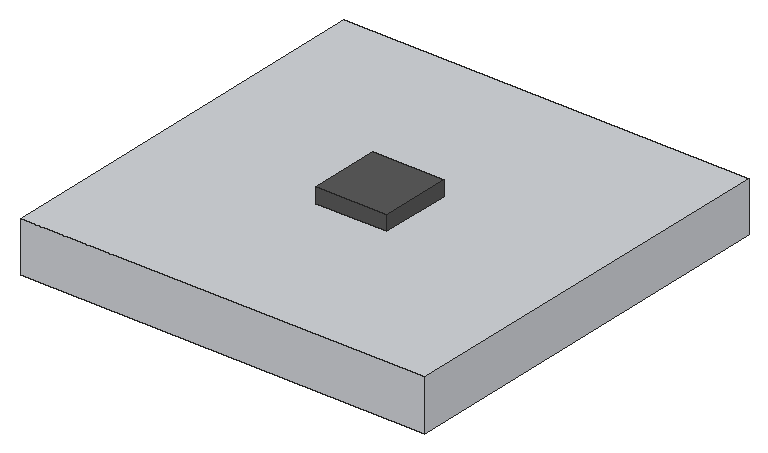
Revit family "r2018_videomax_server_OPS-SKUD_stoechnogo_ispolneniya", category Устройства связи, Revit 2018 (continued)
Definition of nested family "videomax_OPS-SKUD_stoechnogo"
  Lines and regions (mm)
    model lines, visible <- "Front_500", detail levels fine
      curve 410: circle (-163.789, 23.507, 0) r 2.934 normal (0, 0, 1)
      curve 411: circle (-152.426, 63.168, 0) r 2.934 normal (0, 0, 1)
      curve 412: circle (-152.426, 49.948, 0) r 2.934 normal (0, 0, 1)
      curve 413: circle (-152.426, 36.728, 0) r 2.934 normal (0, 0, 1)
      curve 414: circle (-152.426, 23.507, 0) r 2.934 normal (0, 0, 1)
      curve 415: circle (-141.063, 63.168, 0) r 2.934 normal (0, 0, 1)
      curve 416: circle (-141.063, 49.948, 0) r 2.934 normal (0, 0, 1)
      curve 417: circle (-141.063, 36.728, 0) r 2.934 normal (0, 0, 1)
      curve 418: circle (-141.063, 23.507, 0) r 2.934 normal (0, 0, 1)
      curve 419: circle (-129.701, 63.168, 0) r 2.934 normal (0, 0, 1)
      curve 420: circle (-129.701, 49.948, 0) r 2.934 normal (0, 0, 1)
      curve 421: circle (-129.701, 36.728, 0) r 2.934 normal (0, 0, 1)
      curve 422: circle (-129.701, 23.507, 0) r 2.934 normal (0, 0, 1)
      curve 423: circle (-118.338, 63.168, 0) r 2.934 normal (0, 0, 1)
      curve 424: circle (-118.338, 49.948, 0) r 2.934 normal (0, 0, 1)
      curve 425: circle (-118.338, 36.728, 0) r 2.934 normal (0, 0, 1)
      curve 426: circle (-118.338, 23.507, 0) r 2.934 normal (0, 0, 1)
      curve 427: circle (-106.975, 63.168, 0) r 2.934 normal (0, 0, 1)
      curve 428: circle (-106.975, 49.948, 0) r 2.934 normal (0, 0, 1)
      curve 429: circle (-106.975, 36.728, 0) r 2.934 normal (0, 0, 1)
      curve 430: circle (-106.975, 23.507, 0) r 2.934 normal (0, 0, 1)
      curve 431: circle (-95.613, 63.168, 0) r 2.934 normal (0, 0, 1)
      curve 432: circle (-95.613, 49.948, 0) r 2.934 normal (0, 0, 1)
      curve 433: circle (-95.613, 36.728, 0) r 2.934 normal (0, 0, 1)
      curve 434: circle (-95.613, 23.507, 0) r 2.934 normal (0, 0, 1)
      curve 435: circle (-84.25, 63.168, 0) r 2.934 normal (0, 0, 1)
      curve 436: circle (-84.25, 49.948, 0) r 2.934 normal (0, 0, 1)
      curve 437: circle (-84.25, 36.728, 0) r 2.934 normal (0, 0, 1)
      curve 438: circle (-84.25, 23.507, 0) r 2.934 normal (0, 0, 1)
      curve 439: circle (-72.887, 63.168, 0) r 2.934 normal (0, 0, 1)
      curve 440: circle (-72.887, 49.948, 0) r 2.934 normal (0, 0, 1)
      curve 441: circle (-72.887, 36.728, 0) r 2.934 normal (0, 0, 1)
      curve 442: circle (-72.887, 23.507, 0) r 2.934 normal (0, 0, 1)
      curve 443: circle (74.474, 63.168, 0) r 2.934 normal (0, 0, 1)
      curve 444: circle (74.474, 49.948, 0) r 2.934 normal (0, 0, 1)
      curve 445: circle (74.474, 36.728, 0) r 2.934 normal (0, 0, 1)
      curve 446: circle (74.474, 23.507, 0) r 2.934 normal (0, 0, 1)
      curve 447: circle (85.837, 63.168, 0) r 2.934 normal (0, 0, 1)
      curve 448: circle (85.837, 49.948, 0) r 2.934 normal (0, 0, 1)
      curve 449: circle (85.837, 36.728, 0) r 2.934 normal (0, 0, 1)
      curve 450: circle (85.837, 23.507, 0) r 2.934 normal (0, 0, 1)
      curve 451: circle (97.2, 63.168, 0) r 2.934 normal (0, 0, 1)
      curve 452: circle (97.2, 49.948, 0) r 2.934 normal (0, 0, 1)
      curve 453: circle (97.2, 36.728, 0) r 2.934 normal (0, 0, 1)
      curve 454: circle (97.2, 23.507, 0) r 2.934 normal (0, 0, 1)
      curve 455: circle (108.562, 63.168, 0) r 2.934 normal (0, 0, 1)
      curve 456: circle (108.562, 49.948, 0) r 2.934 normal (0, 0, 1)
      curve 457: circle (108.562, 36.728, 0) r 2.934 normal (0, 0, 1)
      curve 458: circle (108.562, 23.507, 0) r 2.934 normal (0, 0, 1)
      curve 459: circle (119.925, 63.168, 0) r 2.934 normal (0, 0, 1)
      curve 460: circle (119.925, 49.948, 0) r 2.934 normal (0, 0, 1)
      curve 461: circle (119.925, 36.728, 0) r 2.934 normal (0, 0, 1)
      curve 462: circle (119.925, 23.507, 0) r 2.934 normal (0, 0, 1)
      curve 463: circle (131.288, 63.168, 0) r 2.934 normal (0, 0, 1)
      curve 464: circle (131.288, 49.948, 0) r 2.934 normal (0, 0, 1)
      curve 465: circle (131.288, 36.728, 0) r 2.934 normal (0, 0, 1)
      curve 466: circle (131.288, 23.507, 0) r 2.934 normal (0, 0, 1)
      curve 467: circle (142.65, 63.168, 0) r 2.934 normal (0, 0, 1)
      curve 468: circle (142.65, 49.948, 0) r 2.934 normal (0, 0, 1)
      curve 469: circle (142.65, 36.728, 0) r 2.934 normal (0, 0, 1)
      curve 470: circle (142.65, 23.507, 0) r 2.934 normal (0, 0, 1)
      curve 471: circle (154.013, 63.168, 0) r 2.934 normal (0, 0, 1)
      curve 472: circle (154.013, 49.948, 0) r 2.934 normal (0, 0, 1)
      curve 473: circle (154.013, 36.728, 0) r 2.934 normal (0, 0, 1)
      curve 474: circle (154.013, 23.507, 0) r 2.934 normal (0, 0, 1)
      curve 475: circle (165.376, 63.168, 0) r 2.934 normal (0, 0, 1)
      curve 476: circle (165.376, 49.948, 0) r 2.934 normal (0, 0, 1)
      curve 477: circle (165.376, 36.728, 0) r 2.934 normal (0, 0, 1)
      curve 478: circle (165.376, 23.507, 0) r 2.934 normal (0, 0, 1)
      curve 479: circle (176.738, 63.168, 0) r 2.934 normal (0, 0, 1)
      curve 480: circle (176.738, 49.948, 0) r 2.934 normal (0, 0, 1)
      curve 481: circle (176.738, 36.728, 0) r 2.934 normal (0, 0, 1)
      curve 482: circle (176.738, 23.507, 0) r 2.934 normal (0, 0, 1)
      curve 483: circle (188.101, 63.168, 0) r 2.934 normal (0, 0, 1)
      curve 484: circle (188.101, 49.948, 0) r 2.934 normal (0, 0, 1)
      curve 485: circle (188.101, 36.728, 0) r 2.934 normal (0, 0, 1)
      curve 486: circle (188.101, 23.507, 0) r 2.934 normal (0, 0, 1)
      curve 487: circle (199.464, 63.168, 0) r 2.934 normal (0, 0, 1)
      curve 488: circle (199.464, 49.948, 0) r 2.934 normal (0, 0, 1)
      curve 489: circle (199.464, 36.728, 0) r 2.934 normal (0, 0, 1)
      curve 490: circle (199.464, 23.507, 0) r 2.934 normal (0, 0, 1)
      curve 491: circle (116.809, 61.494, 0) r 6.615 normal (0, 0, 1)
      curve 492: arc (121.033, 68.485, 0) -> (124.974, 61.473, 0) -> (121.033, 54.46, 0) r 8.21
      curve 493: arc (112.598, 68.485, 0) -> (108.657, 61.473, 0) -> (112.598, 54.46, 0) r 8.21
      curve 510: line (112.598, 68.485, 0) -> (113.379, 70.676, 0)
      curve 511: line (113.379, 70.676, 0) -> (113.669, 71.865, 0)
      curve 512: line (113.669, 71.865, 0) -> (114.028, 73.815, 0)
      curve 513: line (114.028, 73.815, 0) -> (114.415, 77.685, 0)
      curve 514: line (114.415, 77.685, 0) -> (116.865, 77.685, 0)
      curve 515: line (116.865, 77.685, 0) -> (119.217, 77.685, 0)
      curve 516: line (119.217, 77.685, 0) -> (119.604, 73.815, 0)
      curve 517: line (119.604, 73.815, 0) -> (119.962, 71.865, 0)
      curve 518: line (119.962, 71.865, 0) -> (120.253, 70.676, 0)
      curve 519: line (120.253, 70.676, 0) -> (121.033, 68.485, 0)
      curve 520: line (112.598, 54.46, 0) -> (113.279, 52.647, 0)
      curve 521: line (113.279, 52.647, 0) -> (113.768, 50.601, 0)
      curve 522: line (113.768, 50.601, 0) -> (114.074, 48.568, 0)
      curve 523: line (114.074, 48.568, 0) -> (114.42, 45.26, 0)
      curve 524: line (114.42, 45.26, 0) -> (116.808, 45.26, 0)
      curve 525: line (116.808, 45.26, 0) -> (119.212, 45.26, 0)
      curve 526: line (119.212, 45.26, 0) -> (119.558, 48.568, 0)
      curve 527: line (119.558, 48.568, 0) -> (119.864, 50.601, 0)
      curve 528: line (119.864, 50.601, 0) -> (120.352, 52.647, 0)
      curve 529: line (120.352, 52.647, 0) -> (121.033, 54.46, 0)
      curve 548: circle (-81.028, 63.168, 0) r 2.934 normal (0, 0, 1)
      curve 549: circle (-81.028, 49.948, 0) r 2.934 normal (0, 0, 1)
      curve 550: circle (-81.028, 36.728, 0) r 2.934 normal (0, 0, 1)
      curve 551: circle (-81.028, 23.507, 0) r 2.934 normal (0, 0, 1)
      curve 552: circle (-69.666, 63.168, 0) r 2.934 normal (0, 0, 1)
      curve 553: circle (-69.666, 49.948, 0) r 2.934 normal (0, 0, 1)
      curve 554: circle (-69.666, 36.728, 0) r 2.934 normal (0, 0, 1)
      curve 555: circle (-69.666, 23.507, 0) r 2.934 normal (0, 0, 1)
      curve 556: circle (-58.303, 63.168, 0) r 2.934 normal (0, 0, 1)
      curve 557: circle (-58.303, 49.948, 0) r 2.934 normal (0, 0, 1)
      curve 558: circle (-58.303, 36.728, 0) r 2.934 normal (0, 0, 1)
      curve 559: circle (-58.303, 23.507, 0) r 2.934 normal (0, 0, 1)
      curve 560: circle (-46.94, 63.168, 0) r 2.934 normal (0, 0, 1)
      curve 561: circle (-46.94, 49.948, 0) r 2.934 normal (0, 0, 1)
      curve 562: circle (-46.94, 36.728, 0) r 2.934 normal (0, 0, 1)
      curve 563: circle (-46.94, 23.507, 0) r 2.934 normal (0, 0, 1)
      curve 564: circle (-35.578, 63.168, 0) r 2.934 normal (0, 0, 1)
      curve 565: circle (-35.578, 49.948, 0) r 2.934 normal (0, 0, 1)
      curve 566: circle (-35.578, 36.728, 0) r 2.934 normal (0, 0, 1)
      curve 567: circle (-35.578, 23.507, 0) r 2.934 normal (0, 0, 1)
      curve 568: circle (-24.215, 63.168, 0) r 2.934 normal (0, 0, 1)
      curve 569: circle (-24.215, 49.948, 0) r 2.934 normal (0, 0, 1)
      curve 570: circle (-24.215, 36.728, 0) r 2.934 normal (0, 0, 1)
      curve 571: circle (-24.215, 23.507, 0) r 2.934 normal (0, 0, 1)
      curve 572: circle (-12.852, 63.168, 0) r 2.934 normal (0, 0, 1)
      curve 573: circle (-12.852, 49.948, 0) r 2.934 normal (0, 0, 1)
      curve 574: circle (-12.852, 36.728, 0) r 2.934 normal (0, 0, 1)
      curve 575: circle (-12.852, 23.507, 0) r 2.934 normal (0, 0, 1)
      curve 576: circle (-1.489, 63.168, 0) r 2.934 normal (0, 0, 1)
      curve 577: circle (-1.489, 49.948, 0) r 2.934 normal (0, 0, 1)
      curve 578: circle (-1.489, 36.728, 0) r 2.934 normal (0, 0, 1)
      curve 579: circle (-1.489, 23.507, 0) r 2.934 normal (0, 0, 1)
      curve 580: circle (9.873, 63.168, 0) r 2.934 normal (0, 0, 1)
      curve 581: circle (9.873, 49.948, 0) r 2.934 normal (0, 0, 1)
      curve 582: circle (9.873, 36.728, 0) r 2.934 normal (0, 0, 1)
      curve 583: circle (9.873, 23.507, 0) r 2.934 normal (0, 0, 1)
      curve 584: circle (21.236, 63.168, 0) r 2.934 normal (0, 0, 1)
      curve 585: circle (21.236, 49.948, 0) r 2.934 normal (0, 0, 1)
      curve 586: circle (21.236, 36.728, 0) r 2.934 normal (0, 0, 1)
      curve 587: circle (21.236, 23.507, 0) r 2.934 normal (0, 0, 1)
      curve 588: circle (32.599, 63.168, 0) r 2.934 normal (0, 0, 1)
      curve 589: circle (32.599, 49.948, 0) r 2.934 normal (0, 0, 1)
      curve 590: circle (32.599, 36.728, 0) r 2.934 normal (0, 0, 1)
      curve 591: circle (32.599, 23.507, 0) r 2.934 normal (0, 0, 1)
      curve 592: circle (43.961, 63.168, 0) r 2.934 normal (0, 0, 1)
      curve 593: circle (43.961, 49.948, 0) r 2.934 normal (0, 0, 1)
      curve 594: circle (43.961, 36.728, 0) r 2.934 normal (0, 0, 1)
      curve 595: circle (43.961, 23.507, 0) r 2.934 normal (0, 0, 1)
      curve 596: circle (191.323, 63.168, 0) r 2.934 normal (0, 0, 1)
      curve 597: circle (191.323, 49.948, 0) r 2.934 normal (0, 0, 1)
      curve 598: circle (191.323, 36.728, 0) r 2.934 normal (0, 0, 1)
      curve 599: circle (191.323, 23.507, 0) r 2.934 normal (0, 0, 1)
      curve 600: circle (202.686, 63.168, 0) r 2.934 normal (0, 0, 1)
      curve 601: circle (202.686, 49.948, 0) r 2.934 normal (0, 0, 1)
      curve 602: circle (202.686, 36.728, 0) r 2.934 normal (0, 0, 1)
      curve 603: circle (202.686, 23.507, 0) r 2.934 normal (0, 0, 1)
      curve 604: circle (214.048, 63.168, 0) r 2.934 normal (0, 0, 1)
      curve 605: circle (214.048, 49.948, 0) r 2.934 normal (0, 0, 1)
      curve 606: circle (214.048, 36.728, 0) r 2.934 normal (0, 0, 1)
      curve 607: circle (214.048, 23.507, 0) r 2.934 normal (0, 0, 1)
      curve 608: circle (225.411, 63.168, 0) r 2.934 normal (0, 0, 1)
      curve 609: circle (225.411, 49.948, 0) r 2.934 normal (0, 0, 1)
      curve 610: circle (225.411, 36.728, 0) r 2.934 normal (0, 0, 1)
      curve 611: circle (225.411, 23.507, 0) r 2.934 normal (0, 0, 1)
      curve 612: circle (236.774, 63.168, 0) r 2.934 normal (0, 0, 1)
      curve 613: circle (236.774, 49.948, 0) r 2.934 normal (0, 0, 1)
      curve 614: circle (236.774, 36.728, 0) r 2.934 normal (0, 0, 1)
      curve 615: circle (236.774, 23.507, 0) r 2.934 normal (0, 0, 1)
      curve 616: circle (248.136, 63.168, 0) r 2.934 normal (0, 0, 1)
      curve 617: circle (248.136, 49.948, 0) r 2.934 normal (0, 0, 1)
      curve 618: circle (248.136, 36.728, 0) r 2.934 normal (0, 0, 1)
      curve 619: circle (248.136, 23.507, 0) r 2.934 normal (0, 0, 1)
      curve 620: circle (259.499, 63.168, 0) r 2.934 normal (0, 0, 1)
      curve 621: circle (259.499, 49.948, 0) r 2.934 normal (0, 0, 1)
      curve 622: circle (259.499, 36.728, 0) r 2.934 normal (0, 0, 1)
      curve 623: circle (259.499, 23.507, 0) r 2.934 normal (0, 0, 1)
      curve 624: circle (270.862, 63.168, 0) r 2.934 normal (0, 0, 1)
      curve 625: circle (270.862, 49.948, 0) r 2.934 normal (0, 0, 1)
      curve 626: circle (270.862, 36.728, 0) r 2.934 normal (0, 0, 1)
      curve 627: circle (270.862, 23.507, 0) r 2.934 normal (0, 0, 1)
      curve 628: circle (282.224, 63.168, 0) r 2.934 normal (0, 0, 1)
      curve 629: circle (282.224, 49.948, 0) r 2.934 normal (0, 0, 1)
      curve 630: circle (282.224, 36.728, 0) r 2.934 normal (0, 0, 1)
      curve 631: circle (282.224, 23.507, 0) r 2.934 normal (0, 0, 1)
      curve 632: circle (293.587, 63.168, 0) r 2.934 normal (0, 0, 1)
      curve 633: circle (293.587, 49.948, 0) r 2.934 normal (0, 0, 1)
      curve 634: circle (293.587, 36.728, 0) r 2.934 normal (0, 0, 1)
      curve 635: circle (293.587, 23.507, 0) r 2.934 normal (0, 0, 1)
      curve 636: circle (304.95, 63.168, 0) r 2.934 normal (0, 0, 1)
      curve 637: circle (304.95, 49.948, 0) r 2.934 normal (0, 0, 1)
      curve 638: circle (304.95, 36.728, 0) r 2.934 normal (0, 0, 1)
      curve 639: circle (304.95, 23.507, 0) r 2.934 normal (0, 0, 1)
      curve 640: circle (316.313, 63.168, 0) r 2.934 normal (0, 0, 1)
      curve 641: circle (316.313, 49.948, 0) r 2.934 normal (0, 0, 1)
      curve 642: circle (316.313, 36.728, 0) r 2.934 normal (0, 0, 1)
      curve 643: circle (316.313, 23.507, 0) r 2.934 normal (0, 0, 1)
    model lines, visible <- "Front", detail levels fine
      curve 225: arc (-229.415, 85.896, 0) -> (-225.997, 82.241, 0) -> (-229.415, 78.586, 0) r 3.663
      curve 226: arc (-233.54, 78.586, 0) -> (-237.003, 82.194, 0) -> (-233.64, 85.896, 0) r 3.664
      curve 227: arc (238.483, 88, 0) -> (240.096, 87.408, 0) -> (240.943, 85.913, 0) r 2.493
      curve 228: arc (240.943, 2.92, 0) -> (240.494, 0.976, 0) -> (238.754, 0, 0) r 2.466
      curve 229: arc (-238.754, 0, 0) -> (-240.279, 0.706, 0) -> (-240.985, 2.231, 0) r 2.436
      curve 230: arc (-240.985, 85.201, 0) -> (-240.416, 87.186, 0) -> (-238.518, 88, 0) r 2.407
      curve 231: arc (-229.415, 9.167, 0) -> (-225.997, 5.512, 0) -> (-229.415, 1.856, 0) r 3.663
      curve 232: arc (-233.54, 1.856, 0) -> (-237.003, 5.465, 0) -> (-233.64, 9.167, 0) r 3.664
      curve 233: arc (234.389, 85.896, 0) -> (237.807, 82.241, 0) -> (234.389, 78.586, 0) r 3.663
      curve 234: arc (230.264, 78.586, 0) -> (226.801, 82.194, 0) -> (230.164, 85.896, 0) r 3.664
      curve 235: arc (234.389, 9.167, 0) -> (237.807, 5.512, 0) -> (234.389, 1.856, 0) r 3.663
      curve 236: arc (230.264, 1.856, 0) -> (226.801, 5.465, 0) -> (230.164, 9.167, 0) r 3.664
      curve 237: arc (-231.683, 18.64, 0) -> (-234.724, 15.809, 0) -> (-237.765, 18.64, 0) r 3.049
      curve 238: arc (-237.754, 68.955, 0) -> (-234.724, 72.079, 0) -> (-231.694, 68.955, 0) r 3.031
      curve 239: arc (238.121, 18.64, 0) -> (235.08, 15.809, 0) -> (232.039, 18.64, 0) r 3.049
      curve 240: arc (232.051, 68.955, 0) -> (235.08, 72.079, 0) -> (238.11, 68.955, 0) r 3.031
      curve 377: line (-233.64, 85.896, 0) -> (-229.415, 85.896, 0)
      curve 378: line (-229.415, 78.586, 0) -> (-233.54, 78.586, 0)
      curve 379: line (-238.518, 88, 0) -> (238.483, 88, 0)
      curve 380: line (240.943, 85.913, 0) -> (240.943, 2.92, 0)
      curve 381: line (238.754, 0, 0) -> (-238.754, 0, 0)
      curve 382: line (-240.985, 2.231, 0) -> (-240.985, 85.201, 0)
      curve 383: line (-233.64, 9.167, 0) -> (-229.415, 9.167, 0)
      curve 384: line (-229.415, 1.856, 0) -> (-233.54, 1.856, 0)
      curve 385: line (230.164, 85.896, 0) -> (234.389, 85.896, 0)
      curve 386: line (234.389, 78.586, 0) -> (230.264, 78.586, 0)
      curve 387: line (230.164, 9.167, 0) -> (234.389, 9.167, 0)
      curve 388: line (234.389, 1.856, 0) -> (230.264, 1.856, 0)
      curve 389: line (-231.672, 69.197, 0) -> (-231.672, 18.64, 0)
      curve 390: line (-237.765, 18.64, 0) -> (-237.765, 68.955, 0)
      curve 391: line (238.133, 69.197, 0) -> (238.133, 18.64, 0)
      curve 392: line (232.039, 18.64, 0) -> (232.039, 68.955, 0)
      curve 393: line (-215, 88, 0) -> (-215, 0, 0)
      curve 394: line (215, 88, 0) -> (215, 0, 0)
      curve 494: arc (-112.567, 85.896, 0) -> (-109.148, 82.241, 0) -> (-112.567, 78.586, 0) r 3.663
      curve 495: arc (-116.692, 78.586, 0) -> (-120.154, 82.194, 0) -> (-116.791, 85.896, 0) r 3.664
      curve 496: arc (355.332, 88, 0) -> (356.945, 87.408, 0) -> (357.792, 85.913, 0) r 2.493
      curve 497: arc (357.792, 2.92, 0) -> (357.343, 0.976, 0) -> (355.602, 0, 0) r 2.466
      curve 498: arc (-121.905, 0, 0) -> (-123.43, 0.706, 0) -> (-124.136, 2.231, 0) r 2.436
      curve 499: arc (-124.136, 85.201, 0) -> (-123.567, 87.186, 0) -> (-121.669, 88, 0) r 2.407
      curve 500: arc (-112.567, 9.167, 0) -> (-109.148, 5.512, 0) -> (-112.567, 1.856, 0) r 3.663
      curve 501: arc (-116.692, 1.856, 0) -> (-120.154, 5.465, 0) -> (-116.791, 9.167, 0) r 3.664
      curve 502: arc (351.237, 85.896, 0) -> (354.655, 82.241, 0) -> (351.237, 78.586, 0) r 3.663
      curve 503: arc (347.112, 78.586, 0) -> (343.65, 82.194, 0) -> (347.013, 85.896, 0) r 3.664
      curve 504: arc (351.237, 9.167, 0) -> (354.655, 5.512, 0) -> (351.237, 1.856, 0) r 3.663
      curve 505: arc (347.112, 1.856, 0) -> (343.65, 5.465, 0) -> (347.013, 9.167, 0) r 3.664
      curve 506: arc (-114.834, 18.64, 0) -> (-117.875, 15.809, 0) -> (-120.916, 18.64, 0) r 3.049
      curve 507: arc (-120.905, 68.955, 0) -> (-117.875, 72.079, 0) -> (-114.846, 68.955, 0) r 3.031
      curve 508: arc (354.97, 18.64, 0) -> (351.929, 15.809, 0) -> (348.888, 18.64, 0) r 3.049
      curve 509: arc (348.899, 68.955, 0) -> (351.929, 72.079, 0) -> (354.959, 68.955, 0) r 3.031
      curve 530: line (-116.791, 85.896, 0) -> (-112.567, 85.896, 0)
      curve 531: line (-112.567, 78.586, 0) -> (-116.692, 78.586, 0)
      curve 532: line (-121.669, 88, 0) -> (355.332, 88, 0)
      curve 533: line (357.792, 85.913, 0) -> (357.792, 2.92, 0)
      curve 534: line (355.602, 0, 0) -> (-121.905, 0, 0)
      curve 535: line (-124.136, 2.231, 0) -> (-124.136, 85.201, 0)
      curve 536: line (-116.791, 9.167, 0) -> (-112.567, 9.167, 0)
      curve 537: line (-112.567, 1.856, 0) -> (-116.692, 1.856, 0)
      curve 538: line (347.013, 85.896, 0) -> (351.237, 85.896, 0)
      curve 539: line (351.237, 78.586, 0) -> (347.112, 78.586, 0)
      curve 540: line (347.013, 9.167, 0) -> (351.237, 9.167, 0)
      curve 541: line (351.237, 1.856, 0) -> (347.112, 1.856, 0)
      curve 542: line (-114.823, 69.197, 0) -> (-114.823, 18.64, 0)
      curve 543: line (-120.916, 18.64, 0) -> (-120.916, 68.955, 0)
      curve 544: line (354.981, 69.197, 0) -> (354.981, 18.64, 0)
      curve 545: line (348.888, 18.64, 0) -> (348.888, 68.955, 0)
      curve 546: line (-98.151, 88, 0) -> (-98.151, 0, 0)
      curve 547: line (331.849, 88, 0) -> (331.849, 0, 0)
    model lines, visible <- "Back", detail levels fine
      curve 325: line (-36.607, 3.167, 0) -> (123.183, 3.167, 0)
      curve 326: line (123.183, 3.167, 0) -> (123.183, 49.683, 0)
      curve 327: line (123.183, 49.683, 0) -> (-36.607, 49.683, 0)
      curve 328: line (-36.607, 49.683, 0) -> (-36.607, 3.167, 0)
      curve 329: line (142.002, 81.881, 0) -> (142.002, 13.845, 0)
      curve 330: line (142.002, 13.845, 0) -> (129.363, 13.845, 0)
      curve 331: line (129.363, 13.845, 0) -> (129.363, 81.881, 0)
      curve 332: line (162.275, 81.881, 0) -> (162.275, 13.845, 0)
      curve 333: line (162.275, 13.845, 0) -> (149.635, 13.845, 0)
      curve 334: line (149.635, 13.845, 0) -> (149.635, 81.881, 0)
      curve 335: line (182.547, 81.881, 0) -> (182.547, 13.845, 0)
      curve 336: line (182.547, 13.845, 0) -> (169.908, 13.845, 0)
      curve 337: line (169.908, 13.845, 0) -> (169.908, 81.881, 0)
      curve 338: line (202.82, 81.881, 0) -> (202.82, 13.845, 0)
      curve 339: line (202.82, 13.845, 0) -> (190.18, 13.845, 0)
      curve 340: line (190.18, 13.845, 0) -> (190.18, 81.881, 0)
      curve 341: line (-42.737, 81.881, 0) -> (210.453, 81.881, 0)
      curve 342: line (210.453, 81.881, 0) -> (210.453, 3.167, 0)
      curve 343: line (210.453, 3.167, 0) -> (-42.737, 3.167, 0)
      curve 344: line (-42.737, 3.167, 0) -> (-42.737, 81.881, 0)
      curve 345: line (-215, 88, 0) -> (215, 88, 0)
      curve 346: line (215, 88, 0) -> (215, 0, 0)
      curve 347: line (215, 0, 0) -> (-215, 0, 0)
      curve 348: line (-215, 0, 0) -> (-215, 88, 0)
      curve 349: line (-187.531, 3.013, 0) -> (-81.648, 3.013, 0)
      curve 350: line (-81.648, 3.013, 0) -> (-63.423, 22.691, 0)
      curve 351: line (-63.423, 22.691, 0) -> (-63.423, 69.334, 0)
      curve 352: line (-63.423, 69.334, 0) -> (-75.56, 82.437, 0)
      curve 353: line (-75.56, 82.437, 0) -> (-193.995, 82.437, 0)
      curve 354: line (-193.995, 82.437, 0) -> (-207.131, 68.255, 0)
      curve 355: line (-207.131, 68.255, 0) -> (-207.131, 23.772, 0)
      curve 356: line (-207.131, 23.772, 0) -> (-187.531, 3.013, 0)
      curve 949: line (323.241, 3.167, 0) -> (483.031, 3.167, 0)
      curve 950: line (483.031, 3.167, 0) -> (483.031, 49.683, 0)
      curve 951: line (483.031, 49.683, 0) -> (323.241, 49.683, 0)
      curve 952: line (323.241, 49.683, 0) -> (323.241, 3.167, 0)
      curve 953: line (501.85, 81.881, 0) -> (501.85, 13.845, 0)
      curve 954: line (501.85, 13.845, 0) -> (489.21, 13.845, 0)
      curve 955: line (489.21, 13.845, 0) -> (489.21, 81.881, 0)
      curve 956: line (522.123, 81.881, 0) -> (522.123, 13.845, 0)
      curve 957: line (522.123, 13.845, 0) -> (509.483, 13.845, 0)
      curve 958: line (509.483, 13.845, 0) -> (509.483, 81.881, 0)
      curve 959: line (542.395, 81.881, 0) -> (542.395, 13.845, 0)
      curve 960: line (542.395, 13.845, 0) -> (529.755, 13.845, 0)
      curve 961: line (529.755, 13.845, 0) -> (529.755, 81.881, 0)
      curve 962: line (562.668, 81.881, 0) -> (562.668, 13.845, 0)
      curve 963: line (562.668, 13.845, 0) -> (550.028, 13.845, 0)
      curve 964: line (550.028, 13.845, 0) -> (550.028, 81.881, 0)
      curve 965: line (317.111, 81.881, 0) -> (570.301, 81.881, 0)
      curve 966: line (570.301, 81.881, 0) -> (570.301, 3.167, 0)
      curve 967: line (570.301, 3.167, 0) -> (317.111, 3.167, 0)
      curve 968: line (317.111, 3.167, 0) -> (317.111, 81.881, 0)
      curve 969: line (144.848, 88, 0) -> (574.848, 88, 0)
      curve 970: line (574.848, 88, 0) -> (574.848, 0, 0)
      curve 971: line (574.848, 0, 0) -> (144.848, 0, 0)
      curve 972: line (144.848, 0, 0) -> (144.848, 88, 0)
      curve 973: line (172.317, 3.013, 0) -> (278.2, 3.013, 0)
      curve 974: line (278.2, 3.013, 0) -> (296.425, 22.691, 0)
      curve 975: line (296.425, 22.691, 0) -> (296.425, 69.334, 0)
      curve 976: line (296.425, 69.334, 0) -> (284.288, 82.437, 0)
      curve 977: line (284.288, 82.437, 0) -> (165.853, 82.437, 0)
      curve 978: line (165.853, 82.437, 0) -> (152.717, 68.255, 0)
      curve 979: line (152.717, 68.255, 0) -> (152.717, 23.772, 0)
      curve 980: line (152.717, 23.772, 0) -> (172.317, 3.013, 0)
  Dimensions and locks
    aligned and locked: level to plane 2
